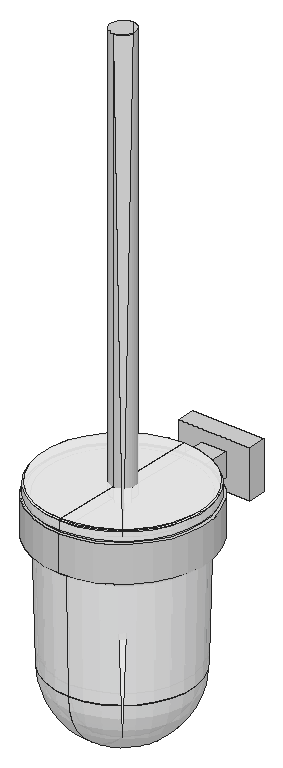
Revit family "Reece_Accessory_GROHE_Essentials Cube_Toilet Brush and Holder", category Plumbing Fixtures, Revit 2018
Family settings
  Round Connector Dimension = Use Diameter
  Part Type = Normal
  Work Plane-Based = Yes
  Always vertical = Yes
  Cut with Voids When Loaded = Yes
  Shared = Yes
  Room Calculation Point = Yes
Parameters (values of type "Chrome_Glass")
  URL = "https://www.reece.com.au/product/-9506981"
  Type Comments = "Accessory"
  Reece_Product_Web Page = "https://www.reece.com.au/product/-9506981"
  Reece_Product_Type = "Accessory"  # constant formula
  Reece_Product_Sub Brand = "Essentials Cube"  # constant formula
  Reece_Product_Number = "9506981"
  Reece_Product_Mount = "Wall Mounted"
  Reece_Product_Description = "GROHE Essentials Cube Accessories Toilet Brush Set"
  Reece_Product_Brand = "GROHE"  # constant formula
  Reece_Overall_Width = 95 mm  # constant formula
  Reece_Overall_Height = 375 mm  # constant formula
  Reece_Material_Secondary = Reece_Safety Glass_Opaque
  Reece_Material_Main = Reece_Brass_Chrome
  Reece_Height_From_Level [instance] = 200 mm
  Reece_Detail_Shape = ""
  Reece_Detail_Installation = ""
  Reece_Detail_Disclaimer = "THIS FILE IS THE PROPERTY OF THE REECE GROUP. IT MAY NOT BE REPRODUCED, REVERSE-ENGINEERED OR MODIFIED. ANY REPUBLICATION, TRANSMISSION OR DISTRIBUTION FOR THE PURPOSE OF COMMERCIALLY EXPLOITING THE FILES IS PROHIBITED."  # constant formula
  Reece_Detail_Connector = ""
  Reece_Detail_Additional = ""
  Reece_Accessory_Projection = 125 mm  # constant formula
  Model = "Essentials Cube"
  Manufacturer = "GROHE"
  Keynote = "Product #9506981, Reece_Accessory_GROHE_Essentials Cube_Toilet Brush and Holder - Chrome_Glass"
  Disclaimer = "THIS FILE IS THE PROPERTY OF THE REECE GROUP. IT MAY NOT BE REPRODUCED, REVERSE-ENGINEERED OR MODIFIED. ANY REPUBLICATION, TRANSMISSION OR DISTRIBUTION FOR THE PURPOSE OF COMMERCIALLY EXPLOITING THE FILES IS PROHIBITED."  # constant formula
  Description = "GROHE Essentials Cube Accessories Toilet Brush Set"
  Default Elevation = 0 mm
Types (2, lengths in mm): name | Keynote
  (no name) | "Product #9506981, Reece_Accessory_GROHE_Essentials Cube_Toilet Brush and Holder -  "
  Chrome_Glass | "Product #9506981, Reece_Accessory_GROHE_Essentials Cube_Toilet Brush and Holder - Chrome_Glass"
Reference planes
  plane 1 "Center (Front/Back)": y = 0
  plane 2 "Bottom Host Plane": z = -5
  plane 3 "Center (Left/Right)": x = 0
  plane 4 "Fixing Point": z = 200
  plane 5: y = -125
  plane 6: z = 458.02
  plane 7: z = 83.02
  plane 8: x = 47.467
  plane 9: x = -47.533
Forms (mm)
  Extrusion 1, solid, material "Reece_Brass_Chrome" <- "Reece_Material_Main"
    sketch origin (-14, 0, 0) x (0, 1, 0) y (0, 0, 1)
      loop
        line (0, 200) -> (0, 214) -> (-10, 214) -> (-10, 186) -> (0, 186) -> (0, 200)
    from -7 to 35
  Extrusion 2, solid, material "Reece_Brass_Chrome" <- "Reece_Material_Main"
    sketch origin (0, 0, 0) x (0, 1, 0) y (0, 0, 1)
      loop
        line (-10, 193) -> (-10, 207) -> (-30.903, 207) -> (-30.903, 193) -> (-10, 193)
    from -7 to 7
  Revolve 3, solid, material "Reece_Safety Glass_Opaque" <- "Reece_Material_Secondary"
    sketch origin (0, 5.533, 0) x (0, 1, 0) y (0, 0, 1)
      loop
        line (-90.004, 218.532) -> (-128.804, 218.532) -> (-129.467, 217.741) -> (-129.467, 212.541) -> (-125.303, 212.541) -> (-122.995, 122.001)
        arc (-122.995, 122.001) -> (-110.929, 94.378) -> (-83.008, 83.02) r 40
        line (-83.008, 83.02) -> (-83.008, 218.532) -> (-90.004, 218.532)
      axis (-83, 83.02) -> (-83, 218.532)
    angle from 0 to 360
  Revolve 4, solid, material "Reece_Brass_Chrome" <- "Reece_Material_Main"
    sketch origin (0, 5.533, 0) x (0, 1, 0) y (0, 0, 1)
      loop
        line (-128.467, 212.541) -> (-128.467, 211.591) -> (-130.467, 211.591) -> (-130.467, 190.591) -> (-128.467, 190.591) -> (-128.467, 188.759) -> (-83, 188.759) -> (-83, 212.541) -> (-128.467, 212.541)
      axis (-83, 212.541) -> (-83, 188.759)
    angle from 0 to 360
  Revolve 5, solid, material "Reece_Brass_Chrome" <- "Reece_Material_Main"
    sketch origin (0, 0, 0) x (0, 1, 0) y (0, 0, 1)
      loop
        line (-77.475, 458.02) -> (-84.471, 458.02) -> (-84.471, 188.942) -> (-77.475, 188.942) -> (-77.475, 458.02)
      axis (-77.467, 188.942) -> (-77.467, 458.02)
    angle from 0 to 360
  Revolve 6, solid
    sketch origin (0, 0, 0) x (0, 1, 0) y (0, 0, 1)
      loop
        line (-117.467, 188.759) -> (-116.409, 128.103)
        arc (-116.409, 128.103) -> (-105.003, 100.568) -> (-77.467, 89.162) r 38.941
        line (-77.467, 89.162) -> (-77.467, 188.759) -> (-117.467, 188.759)
      axis (-77.467, 188.759) -> (-77.467, 89.162)
    angle from 0 to 360
Cuts and joins
  joined: Extrusion 2, Revolve 4
Lines and regions (mm)
  model lines, style "InvisibleLines"
    curve 1: line (0, 0, -5) -> (0, 0, 200)
Text (mm)
  text "Reece ©" at (2583.294, -2461.108, 2972.41), in view "Reece Preview"
  text "Reece ©" at (123.252, -165.975, -1020.679), in view "Ref. Level"
Dimensions and locks
  locked: plane 2 "Bottom Host Plane" to level at 5
  "Reece_Height_From_Level": plane 4 "Fixing Point" to level
  "Reece_Accessory_Projection": plane 1 "Center (Front/Back)" to plane 5
  "Reece_Overall_Height": plane 7 to plane 6
  plane 5 to plane 1 "Center (Front/Back)" = 125 mm
  "Reece_Overall_Width": plane 9 to plane 8
  locked: plane 7 to plane 4 "Fixing Point" at 116.98
  aligned and locked: plane 4 "Fixing Point" to curve 1
Automatic sketch dimensions
  curve 1 to plane 3 "Center (Left/Right)" = 0 mm
  curve 1 to plane 2 "Bottom Host Plane" = 0 mm
  Extrusion 1 sketch curve to plane 1 "Center (Front/Back)" = 0 mm
  plane 4 "Fixing Point" to Extrusion 1 sketch curve = 0 mm
  Extrusion 1 sketch curve to Extrusion 1 sketch curve = 10 mm
  plane 4 "Fixing Point" to Extrusion 1 sketch curve = 14 mm
  Extrusion 1 sketch curve to Extrusion 1 sketch curve = 14 mm
  plane 4 "Fixing Point" to Extrusion 2 sketch curve = 7 mm
  plane 1 "Center (Front/Back)" to Extrusion 2 sketch curve = 30.903 mm
  plane 1 "Center (Front/Back)" to Extrusion 2 sketch curve = 10 mm
  Extrusion 2 sketch curve to plane 4 "Fixing Point" = 7 mm
  plane 4 "Fixing Point" to Revolve 5 sketch curve = 0 mm
  Revolve 5 sketch curve to Revolve 5 sketch curve = 6.996 mm
  plane 4 "Fixing Point" to Revolve 5 sketch curve = 11.058 mm
  Revolve 5 sketch curve to Revolve 5 sketch curve = 269.078 mm
  Revolve 5 sketch curve to Revolve 5 sketch curve = 131.058 mm
  plane 1 "Center (Front/Back)" to Revolve 5 sketch curve = 84.471 mm
  Revolve 5 sketch curve to Revolve 5 sketch curve = 0.008 mm
  plane 4 "Fixing Point" to Revolve 6 sketch curve = 11.241 mm
  plane 1 "Center (Front/Back)" to Revolve 6 sketch curve = 117.467 mm
  plane 1 "Center (Front/Back)" to Revolve 6 sketch curve = 77.467 mm
  Revolve 6 sketch curve to Revolve 6 sketch curve = 60.656 mm
  Revolve 6 sketch curve to Revolve 6 sketch curve = 38.941 mm
  Revolve 6 sketch curve to Revolve 6 sketch curve = 0 mm
  Revolve 6 sketch curve to Revolve 6 sketch curve = 20.957 mm
  Revolve 6 sketch curve to plane 4 "Fixing Point" = 23.205 mm
  plane 5 to Revolve 3 sketch curve = 1.065 mm
  Revolve 3 sketch curve to Revolve 3 sketch curve = 0.664 mm
  Revolve 3 sketch curve to Revolve 3 sketch curve = 4.164 mm
  plane 5 to Revolve 3 sketch curve = 7.538 mm
  Revolve 3 sketch curve to plane 4 "Fixing Point" = 18.532 mm
  Revolve 3 sketch curve to Revolve 3 sketch curve = 35.299 mm
  Revolve 3 sketch curve to Revolve 3 sketch curve = 6.996 mm
  Revolve 3 sketch curve to Revolve 3 sketch curve = 0.791 mm
  Revolve 3 sketch curve to Revolve 3 sketch curve = 5.2 mm
  plane 5 to Revolve 3 sketch curve = 47.533 mm
  Revolve 3 sketch curve to Revolve 3 sketch curve = 55 mm
  plane 5 to Revolve 4 sketch curve = 0.065 mm
  Revolve 4 sketch curve to Revolve 4 sketch curve = 2 mm  (x2)
  Revolve 4 sketch curve to plane 4 "Fixing Point" = 12.541 mm
  Revolve 4 sketch curve to Revolve 4 sketch curve = 45.467 mm
  Revolve 4 sketch curve to Revolve 4 sketch curve = 0.95 mm
  plane 4 "Fixing Point" to Revolve 4 sketch curve = 9.409 mm
  Revolve 4 sketch curve to Revolve 4 sketch curve = 1.832 mm
  Revolve 4 sketch curve to Revolve 4 sketch curve = 0 mm
  Revolve 4 sketch curve to Revolve 4 sketch curve = 8.671 mm
  Revolve 4 sketch curve to Revolve 4 sketch curve = 10.664 mm
  plane 4 "Fixing Point" to Revolve 3 sketch curve = 76.98 mm
  Revolve 3 sketch curve to Revolve 3 sketch curve = 1.019 mm
  Revolve 3 sketch curve to Revolve 3 sketch curve = 269.488 mm
